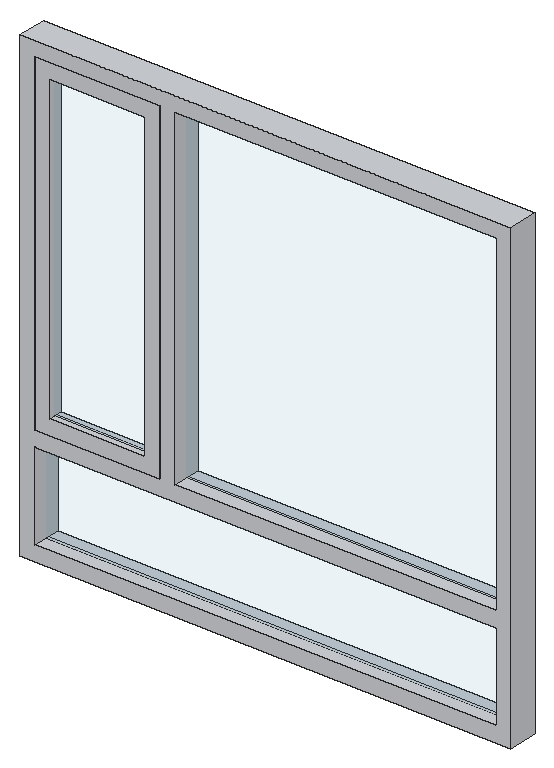
Revit family "W3_鋁窗1", category 窗, Revit 2014
Parameters (values of type "200 x 190 cm 2")
  熱阻 (R) = 0.271106 (m²·K)/W
  Visual Light Transmittance = 0.9
  Solar Heat Gain Coefficient = 0.78
  營造類型 Id = "GSP4R"
  Height = 1900 mm
  傳熱係數 (U) = 3.6886 W/(m²·K)
  預設窗台高度 = 450 mm
  關鍵註記 = "固定窗-矩形"
  Rough Height = Height  # 1900 mm
  Rough Width = Width  # 2000 mm
  玻璃材質 = 玻璃
  牆封閉 = 依主體
  Width = 2000 mm
  裝飾外框材料 = none
  裝飾外框寬度 = 60 mm
  裝飾外框厚度 = 60 mm
  解析營造 = "1/8 英吋 Pilkington 單層鑲嵌玻璃"
Reference planes
  plane 1: y = 0
  plane 2 "中心 (左/右)": x = 0
  plane 3 "左": x = -1000
  plane 4 "右": x = 1000
  plane 5 "窗台": z = 450
  plane 6 "標頭": z = 2350
  plane 7 "外部": y = 75
  plane 8 "內部": y = -75
  plane 9: z = 900
  plane 10: x = -430
Forms (mm)
  Extrusion 1, solid, material <- "裝飾外框材料"
    sketch origin (-5000, 0, 0) x (1, 0, 0) y (0, 0, 1)
      loop
        line (6000, 2350) -> (4000, 2350) -> (4000, 450) -> (6000, 450) -> (6000, 2350)
      loop
        line (5940, 2290) -> (4630, 2290) -> (4630, 930) -> (5940, 930) -> (5940, 2290)
      loop
        line (5940, 510) -> (5940, 870) -> (4060, 870) -> (4060, 510) -> (5940, 510)
      loop
        line (4060, 2290) -> (4060, 930) -> (4570, 930) -> (4570, 2290) -> (4060, 2290)
    from -60 to 60
  Extrusion 2, solid, material "玻璃" <- "玻璃材質"
    sketch origin (-5000, 0, 0) x (1, 0, 0) y (0, 0, 1)
      loop
        line (5940, 2290) -> (4630, 2290) -> (4630, 930) -> (5940, 930) -> (5940, 2290)
      loop
        line (5940, 870) -> (4060, 870) -> (4060, 510) -> (5940, 510) -> (5940, 870)
    from 5 to -5
Lines and regions (mm)
  Opening 1
    outline origin (3500, -75, 0) x (1, 0, 0) y (0, 0, 1)
      loop
        line (-2500, 450) -> (-2500, 2350) -> (-4500, 2350) -> (-4500, 450) -> (-2500, 450)
  symbolic lines, style "立面圖打開方向"
    curve 1: line (-430, 0, 2290) -> (-940, 0, 1660)
    curve 2: line (-940, 0, 1660) -> (-430, 0, 930)
Text (mm)
  text "外部" at (-1963.203, 1332.353, 0), in view "參考樓層"
  text "內部" at (-1981.466, -818.386, 0), in view "參考樓層"
  text "外部" at (0, 923.751, 2943.296), in view "右"
  text "外部" at (0, 1040.484, 2685.409), in view "左"
Dimensions and locks
  equal spacing: plane 3 "左", plane 2 "中心 (左/右)", plane 4 "右"
  "Width": plane 3 "左" to plane 4 "右"
  "Height": plane 5 "窗台" to plane 6 "標頭"
  "預設窗台高度": plane 5 "窗台" to level
  locked: plane 7 "外部" to host wall at 0
  locked: plane 8 "內部" to host wall
  locked: plane 5 "窗台" to plane 9 at 450
  locked: plane 3 "左" to plane 10 at 570
  aligned and locked: plane 10 to nested 1
  aligned and locked: Extrusion 1 to Extrusion 2  (x7)
  aligned and locked: Extrusion 2 to Extrusion 2
  aligned and locked: plane 10 to Extrusion 1
  aligned and locked: nested 1 to Extrusion 1  (x3)
  aligned and locked: Extrusion 1 to curve 1  (x2)
Automatic sketch dimensions
  plane 3 "左" to Opening 1 sketch curve = 0 mm
  plane 4 "右" to Opening 1 sketch curve = 0 mm
  Opening 1 sketch curve to plane 5 "窗台" = 0 mm
  Opening 1 sketch curve to plane 6 "標頭" = 0 mm
  plane 3 "左" to Extrusion 1 sketch curve = 0 mm
  plane 4 "右" to Extrusion 1 sketch curve = 0 mm
  Extrusion 1 sketch curve to plane 5 "窗台" = 0 mm
  Extrusion 1 sketch curve to plane 6 "標頭" = 0 mm
  Extrusion 1 sketch curve to plane 3 "左" = 60 mm  (x2)
  plane 4 "右" to Extrusion 1 sketch curve = 60 mm  (x2)
  Extrusion 1 sketch curve to plane 5 "窗台" = 60 mm
  Extrusion 1 sketch curve to plane 9 = 30 mm
  plane 9 to Extrusion 1 sketch curve = 30 mm  (x2)
  plane 6 "標頭" to Extrusion 1 sketch curve = 60 mm  (x2)
  plane 10 to Extrusion 1 sketch curve = 0 mm
  Extrusion 1 sketch curve to plane 10 = 60 mm
  plane 4 "右" to Extrusion 2 sketch curve = 60 mm  (x2)
  Extrusion 2 sketch curve to plane 5 "窗台" = 60 mm
  Extrusion 2 sketch curve to plane 10 = 60 mm
  Extrusion 2 sketch curve to plane 3 "左" = 60 mm
  Extrusion 2 sketch curve to plane 9 = 30 mm
  plane 9 to Extrusion 2 sketch curve = 30 mm
  plane 6 "標頭" to Extrusion 2 sketch curve = 60 mm
  plane 9 to curve 1 = 760 mm
  plane 10 to curve 2 = 0 mm
  plane 9 to curve 2 = 30 mm
  plane 6 "標頭" to curve 1 = 60 mm
Nested families
  nested 1: "窗框" at (-417.572, 919.367, -70) x (-1, 0, 0) z (0, 0, 1), type "窗框"
    with Height 1360 mm, Width 510 mm, Rough Height 1360 mm, Rough Width 510 mm
Definition of nested family "窗框"
  Parameters (values of type "窗框")
    Height [instance] = 500 mm
    護桿寬度 = 20 mm
    護桿厚度 = 10 mm
    Rough Height = 500 mm
    Rough Width = 600 mm
    Width [instance] = 600 mm
    裝飾外框材料 = none
    玻璃材質 = none
    玻璃厚度 = 10 mm
    裝飾外框寬度 = 60 mm
    裝飾外框厚度 = 60 mm
    Assembly Code = ""
  Reference planes
    plane 1 "中心 (前/後)": y = -919.367
    plane 2: z = 0
    plane 3 "中心 (左/右)": x = 267.428
    plane 4 "玻璃-上": y = -944.367
    plane 5 "玻璃-下": y = -954.367
    plane 6: y = -979.367
    plane 7: x = -32.572
    plane 8: x = 567.428
    plane 9: x = 27.428
    plane 10: x = 507.428
    plane 11: z = 1440
    plane 12: z = 1500
    plane 13: z = 1060
    plane 14: z = 1000
    plane 15: y = -949.367
  Forms (mm)
    Extrusion 1, solid, material <- "玻璃材質"
      sketch origin (-1499.274, -949.367, 1200) x (-1, 0, 0) y (0, 0, 1)
        loop
          line (-1526.702, 240) -> (-2006.702, 240) -> (-2006.702, -140) -> (-1526.702, -140) -> (-1526.702, 240)
      from -5 to 5
    Extrusion 2, solid, material <- "裝飾外框材料"
      sketch origin (-1499.274, -949.367, 1200) x (-1, 0, 0) y (0, 0, 1)
        loop
          line (-1466.702, 300) -> (-2066.702, 300) -> (-2066.702, -200) -> (-1466.702, -200) -> (-1466.702, 300)
        loop
          line (-1526.702, 240) -> (-2006.702, 240) -> (-2006.702, -140) -> (-1526.702, -140) -> (-1526.702, 240)
      from -30 to 30
  Dimensions and locks
    equal spacing: plane 10, plane 3 "中心 (左/右)", plane 9
    "裝飾外框寬度": plane 8 to plane 10
    "裝飾外框寬度": plane 9 to plane 7
    "裝飾外框寬度": plane 12 to plane 11
    "Width": plane 8 to plane 7
    "裝飾外框寬度": plane 13 to plane 14
    "Height": plane 12 to plane 14
    plane 14 to level = 1000 mm
    equal spacing: plane 4 "玻璃-上", plane 15, plane 5 "玻璃-下"
    "玻璃厚度": plane 4 "玻璃-上" to plane 5 "玻璃-下"
    equal spacing: plane 6, plane 15, plane 1 "中心 (前/後)"
    "裝飾外框厚度": plane 6 to plane 1 "中心 (前/後)"
    aligned and locked: Extrusion 1 sketch curve to plane 11
    aligned and locked: plane 9 to Extrusion 1 sketch curve
    aligned and locked: Extrusion 1 sketch curve to plane 10
    aligned and locked: plane 13 to Extrusion 1 sketch curve
    aligned and locked: plane 7 to Extrusion 2 sketch curve
    aligned and locked: Extrusion 2 sketch curve to plane 12
    aligned and locked: Extrusion 2 sketch curve to plane 8
    aligned and locked: plane 9 to Extrusion 2 sketch curve
    aligned and locked: plane 13 to Extrusion 2 sketch curve
    aligned and locked: Extrusion 2 sketch curve to plane 10
    aligned and locked: Extrusion 2 sketch curve to plane 11
    aligned and locked: Extrusion 2 sketch curve to plane 14
    aligned and locked: plane 2 to level
    aligned and locked: plane 6 to Extrusion 2
    aligned and locked: plane 1 "中心 (前/後)" to Extrusion 2
    aligned and locked: plane 5 "玻璃-下" to Extrusion 1
    aligned and locked: plane 4 "玻璃-上" to Extrusion 1
